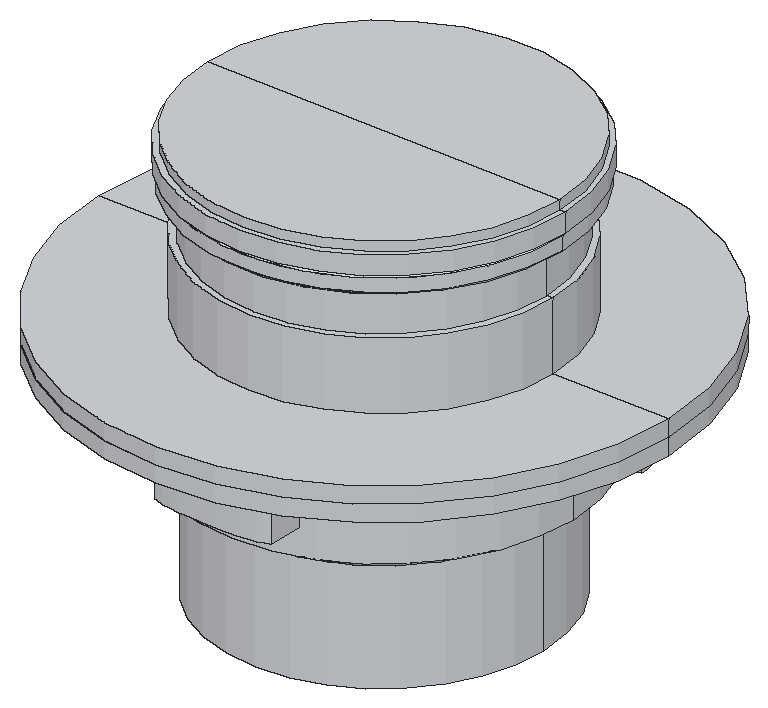
Revit family
Parameters (values of type "MIFAB-F1100-C-Floor Drain with 5 round strainer")
  Rad = 0' - 2"
  Model = "F1100-C"
  Manufacturer = "MIFAB"
  Description = "Floor Drain with 5\" round strainer"
  Assembly Code = ""
Reference planes (in)
  plane 1 "Center (Front/Back)": y = 0
  plane 2: z = 0
  plane 3 "Center (Left/Right)": x = 0
Forms (in)
  Revolve 1, void
    sketch origin (0, 0, 0) x (1, 0, 0) y (0, 0, 1)
      loop
        line (-4, 0) -> (-4, -12) -> (0, -12) -> (0, 0) -> (-4, 0)
      axis (0, -12) -> (0, 0)
    angle from 0 to 360
  Revolve 2, solid
    sketch origin (0, 0, -3.53205) x (1, 0, 0) y (0, 0, 1)
      loop
        line (-2.25, 0) -> (-2, 0) -> (-2, 1.69044) -> (-2.41016, 1.93799) -> (-2.41016, 3.30548) -> (-4, 3.30548) -> (-4, 3.07501) -> (-2.66016, 3.07501) -> (-2.66016, 1.79687) -> (-2.25, 1.54933) -> (-2.25, 0)
      axis (0, 0) -> (0, 3.30548)
    angle from 0 to 360
  Extrusion 3, solid
    sketch origin (0, 0, -3.46955) x (1, 0, 0) y (0, 0, 1)
      loop
        arc (-0.66016, 2.34899) -> (0.00528, 1.69412) -> (0.66016, 2.35955) r 0.66018
        line (0.66016, 2.35955) -> (0.66016, 2.92456) -> (-0.66016, 2.92456) -> (-0.66016, 2.34899)
      loop
        circle (0, 2.21932) r 0.23
    from -3.04271 to -2.56028
  Extrusion 4, solid
    sketch origin (0, 0, -1.37085) x (1, 0, 0) y (0, 1, 0)
      loop
        spline (-0.82031, -2.98723) -> (-0.79236, -3.01671) -> (-0.71041, -3.04419) -> (-0.58005, -3.06777) -> (-0.41016, -3.08588) -> (-0.21231, -3.09725) -> (0, -3.10114) -> (0.21231, -3.09725) -> (0.41016, -3.08588) -> (0.58005, -3.06777) -> (0.71041, -3.04419) -> (0.79236, -3.01671) -> (0.82031, -2.98723)
        line (0.82031, -2.98723) -> (0.82031, -2.38567) -> (-0.82031, -2.38567) -> (-0.82031, -2.98723)
      loop
        circle (0.47613, -2.77397) r 0.13672
    from 0 to 0.82813
  Extrusion 5, solid
    sketch origin (0, 0, -1.37085) x (0.5, -0.866025, 0) y (0.866025, 0.5, 0)
      loop
        line (-0.82031, 2.98723) -> (-0.82031, 2.38567) -> (0.82031, 2.38567) -> (0.82031, 2.98723)
        spline (0.82031, 2.98723) -> (0.79236, 3.01671) -> (0.71041, 3.04419) -> (0.58005, 3.06777) -> (0.41016, 3.08588) -> (0.21231, 3.09725) -> (0, 3.10114) -> (-0.21231, 3.09725) -> (-0.41016, 3.08588) -> (-0.58005, 3.06777) -> (-0.71041, 3.04419) -> (-0.79236, 3.01671) -> (-0.82031, 2.98723)
      loop
        circle (0.47613, 2.77397) r 0.13672
    from 0 to 0.82813
  Extrusion 6, solid
    sketch origin (0, 0, -1.37085) x (-0.5, -0.866025, 0) y (0.866025, -0.5, 0)
      loop
        spline (-0.82031, -2.98723) -> (-0.79236, -3.01671) -> (-0.71041, -3.04419) -> (-0.58005, -3.06777) -> (-0.41016, -3.08588) -> (-0.21231, -3.09725) -> (0, -3.10114) -> (0.21231, -3.09725) -> (0.41016, -3.08588) -> (0.58005, -3.06777) -> (0.71041, -3.04419) -> (0.79236, -3.01671) -> (0.82031, -2.98723)
        line (0.82031, -2.98723) -> (0.82031, -2.38567) -> (-0.82031, -2.38567) -> (-0.82031, -2.98723)
      loop
        circle (0.47613, -2.77397) r 0.13672
    from 0 to 0.82813
  Revolve 7, solid
    sketch origin (0, 0, -3.53205) x (1, 0, 0) y (0, 0, 1)
      loop
        line (-4, 3.30548) -> (-2.125, 3.30548) -> (-2.125, 4.48126) -> (-2.375, 4.48126) -> (-2.375, 3.53205) -> (-4, 3.53205) -> (-4, 3.30548)
      axis (0, 3.30548) -> (0, 4.48126)
    angle from 0 to 360
  Revolve 8, solid
    sketch origin (0, 0, -3.53205) x (1, 0, 0) y (0, 0, 1)
      loop
        line (-2.28125, 4.48126) -> (-2.03125, 4.48126) -> (-2.03125, 5.62455) -> (-2.55078, 5.62455) -> (-2.55078, 5.36283) -> (-2.44922, 5.36283) -> (-2.51172, 5.31205) -> (-2.51172, 5.12846) -> (-2.44922, 5.07768) -> (-2.28125, 5.07768) -> (-2.28125, 4.48126)
      axis (0, 4.48126) -> (0, 5.62455)
    angle from 0 to 360
  Revolve 9, solid
    sketch origin (0, 0, -3.53205) x (1, 0, 0) y (0, 0, 1)
      loop
        line (0, 5.62455) -> (0, 5.75346) -> (-2.47266, 5.75346) -> (-2.47266, 5.62455) -> (0, 5.62455)
      axis (0, 5.62455) -> (0, 5.75346)
    angle from 0 to 360
Lines and regions (in)
  sketch lines
    curve 1: line (-60, 60, 0) -> (60, 60, 0)
    curve 2: line (-60, 60, 0) -> (-60, -60, 0)
    curve 3: line (-60, -60, 0) -> (60, -60, 0)
    curve 4: line (60, 60, 0) -> (60, -60, 0)
Dimensions and locks (in)
  equal spacing: curve 3, plane 1 "Center (Front/Back)", curve 1
  equal spacing: curve 4, plane 3 "Center (Left/Right)", curve 2
  curve 3 to curve 1 = 10' - 0"
  curve 2 to curve 4 = 10' - 0"
  aligned and locked: Revolve 7 to Revolve 7
  aligned and locked: Revolve 7 to Revolve 8
  aligned and locked: host floor to Revolve 1 sketch curve  (x2)
  aligned and locked: Revolve 1 sketch curve to Revolve 2
Connectors (in)
  piping at (0, 0, -3.53205), driven by "Rad"
    settings: on Revolve 2, index 2
